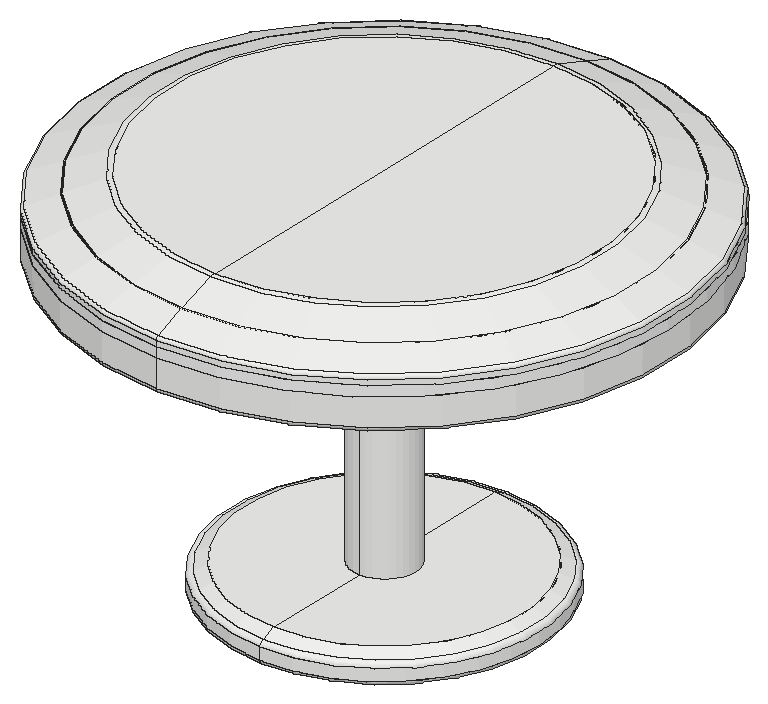
Revit family "PARLÉ TTM-X - Tabletop Microphone_rev1", category Communication Devices, host Face, Revit 2019
Family settings
  Host = Face
  Maintain Annotation Orientation = No
  Round Connector Dimension = Use Diameter
  Part Type = Normal
  Cut with Voids When Loaded = No
  Shared = Yes
  Room Calculation Point = Yes
Parameters (values of type "PARLÉ™ TTM-XEX - White")
  Width = 0' - 4 77/256"
  Weight Product = 0.5
  Trim = Stainless Steel, Brushed
  Through-table Mount [instance] = yes
  SNR (at 1kHz, 94dBSPL A-Weighted) = "> 74dB"
  Room Acoustics Examples URL = "https://support.biamp.com/Tesira/Parle_microphones/Parle_ceiling_microphone_calculator/Sample_recordings"  # constant formula
  Product Page URL = "https://www.biamp.com/products/product-families/parle/parle-microphones#parle-tcm-x"
  Product Documentation Link = "https://downloads.biamp.com/assets/docs/default-source/data-sheets/biamp_data_sheet_parle_ttm-xex_feb20.pdf?sfvrsn=e3fbd698_18&_ga=2.129173454.378709247.1623851855-58664226.1621977202"
  Poor Acoustics Coverage = no
  Poor [instance] = 3' - 3 77/128"
  Polar Pattern = "Active Beamformed"
  Part Number = ""
  Model = "Parlé TTM-XEX - White"
  Microphone Technology = "16-Element Digital Array"
  Mic Grille Finish = Wear Resistant Textured White
  Maximum SPL (less than 1% THD) = "109dB"
  Manufacturer URL = "https://www.biamp.com/"
  Manufacturer = "Biamp Systems"
  Height = 0' - 4 77/256"
  Great Acoustics Coverage = no
  Fair Acoustics Coverage = no
  Excellent Acoustics Coverage = no
  Great [instance] = 6' - 10 205/256"
  Good Acoustics Coverage = yes
  Good [instance] = 5' - 7 51/256"
  Frequency Response = "150 Hz - 16 kHz: ± 3dB"
  Fair [instance] = 4' - 3 77/128"
  Excellent [instance] = 8' - 2 51/128"
  Dynamic Range = "90dB, A-Weighted"
  Description = "Low profile Beamtracking tabletop microphone. (Expansion Mic only. (Must be used with TTM-X mic system. Cost is for expansion mic only)"
  Depth = 0' - 0 179/256"
  Default Elevation = 4' - 0"
  Connector = "RJ-45 (cable length, 6.6 feet [2 meters])"
  Case Finish = Wear Resistant Textured White
Types (4): name | Product Documentation Link | Model | Mic Grille Finish | Description | Case Finish
  PARLÉ™ TTM-X - Black | "https://downloads.biamp.com/assets/docs/default-source/data-sheets/biamp_data_sheet_parle_ttm-x.pdf?sfvrsn=91b562f_18&_ga=2.129173454.378709247.1623851855-58664226.1621977202" | "Parlé TTM-X - Black" | Black Grille - Fine | "Low profile Beamtracking tabletop microphone. (Mic only. Requires TTM-xx Network Box. See TTM-xx Network Box for additional data and cost)" | Black Finish
  PARLÉ™ TTM-X - White | "https://downloads.biamp.com/assets/docs/default-source/data-sheets/biamp_data_sheet_parle_ttm-x.pdf?sfvrsn=91b562f_18&_ga=2.129173454.378709247.1623851855-58664226.1621977202" | "Parlé TTM-X - White" | Wear Resistant Textured White | "Low profile Beamtracking tabletop microphone. (Mic only. Requires TTM-xx Network Box. See TTM-xx Network Box for additional data and cost)" | Wear Resistant Textured White
  PARLÉ™ TTM-XEX - White | "https://downloads.biamp.com/assets/docs/default-source/data-sheets/biamp_data_sheet_parle_ttm-xex_feb20.pdf?sfvrsn=e3fbd698_18&_ga=2.129173454.378709247.1623851855-58664226.1621977202" | "Parlé TTM-XEX - White" | Wear Resistant Textured White | "Low profile Beamtracking tabletop microphone. (Expansion Mic only. (Must be used with TTM-X mic system. Cost is for expansion mic only)" | Wear Resistant Textured White
  PARLÉ™ TTM-XEX - Black | "https://downloads.biamp.com/assets/docs/default-source/data-sheets/biamp_data_sheet_parle_ttm-xex_feb20.pdf?sfvrsn=e3fbd698_18&_ga=2.129173454.378709247.1623851855-58664226.1621977202" | "Parlé TTM-XEX - Black" | Black Grille - Fine | "Low profile Beamtracking tabletop microphone. (Expansion Mic only. (Must be used with TTM-X mic system. Cost is for expansion mic only)" | Black Finish
Reference planes (in)
  plane 1 "Center (Front/Back)": y = 0
  plane 2: z = 0
  plane 3 "Center (Left/Right)": x = 0
Forms (in)
  Revolve 1, solid, material "Wear Resistant Textured White" <- "Case Finish"
    sketch origin (0, 0, 0) x (0, 1, 0) y (0, 0, 1)
      loop
        line (1.85039, 0.01969) -> (1.85039, 0.05908)
        arc (1.85039, 0.05908) -> (1.88567, 0.06064) -> (1.92056, 0.06615) r 0.31496
        line (1.92056, 0.06615) -> (2.1366, 0.11279)
        arc (2.1366, 0.11279) -> (2.15438, 0.12369) -> (2.16145, 0.1433) r 0.0315
        line (2.16145, 0.1433) -> (2.16329, 0.35433) -> (0, 0.35433) -> (0, 0) -> (1.83071, 0)
        arc (1.83071, 0) -> (1.84463, 0.00577) -> (1.85039, 0.01969) r 0.01969
      axis (0, 0) -> (0, 0.35433)
    angle from 0 to 360
  Revolve 2, solid, material "Stainless Steel, Brushed" <- "Trim"
    sketch origin (0, 0, 0) x (0, 1, 0) y (0, 0, 1)
      loop
        line (2.16535, 0.43307) -> (0, 0.43307) -> (0, 0.35433) -> (2.16535, 0.35433) -> (2.16535, 0.43307)
      axis (0, 0.35433) -> (0, 0.43307)
    angle from 0 to 360
  Revolve 3, solid, material "Wear Resistant Textured White" <- "Case Finish"
    sketch origin (0, 0, 0) x (0, 1, 0) y (0, 0, 1)
      loop
        line (0, 0.43307) -> (2.16535, 0.43307) -> (2.16519, 0.47111)
        arc (2.16519, 0.47111) -> (2.1598, 0.48859) -> (2.14561, 0.50012) r 0.0315
        arc (2.14561, 0.50012) -> (2.03346, 0.54498) -> (1.92064, 0.58812) r 7.87402
        line (1.92064, 0.58812) -> (0, 0.58812) -> (0, 0.43307)
      axis (0, 0.43307) -> (0, 0.58812)
    angle from 0 to 360
  Revolve 4, solid, material "Wear Resistant Textured White" <- "Mic Grille Finish"
    sketch origin (0, 0, 0) x (0, 1, 0) y (0, 0, 1)
      loop
        arc (1.65316, 0.68258) -> (1.63368, 0.68737) -> (1.61369, 0.68898) r 0.125
        line (1.61369, 0.68898) -> (0, 0.68898) -> (0, 0.58687) -> (1.92413, 0.58687)
        arc (1.92413, 0.58687) -> (1.78908, 0.63596) -> (1.65316, 0.68258) r 7.87402
      axis (0, 0.58687) -> (0, 0.68898)
    angle from 0 to 360
  Revolve 5, solid, material "Wear Resistant Textured White" <- "Case Finish", visible <- "Through-table Mount"
    sketch origin (0, 0, 0) x (0, 1, 0) y (0, 0, 1)
      loop
        line (1.05118, -1.9685) -> (0.23622, -1.9685) -> (0.23622, 0) -> (0, 0) -> (0, -2.55906) -> (0.19685, -2.55906) -> (0.23228, -2.52362) -> (0.31641, -2.52362)
        arc (0.31641, -2.52362) -> (0.33831, -2.51466) -> (0.34765, -2.49292) r 0.03125
        line (0.34765, -2.49292) -> (0.35262, -2.20797)
        arc (0.35262, -2.20797) -> (0.36439, -2.18058) -> (0.39199, -2.16929) r 0.03937
        line (0.39199, -2.16929) -> (1.14786, -2.16929)
        arc (1.14786, -2.16929) -> (1.17059, -2.15999) -> (1.18028, -2.13743) r 0.03243
        line (1.18028, -2.13743) -> (1.18028, -2.04805)
        arc (1.18028, -2.04805) -> (1.16775, -2.02226) -> (1.14104, -2.01181) r 0.03937
        line (1.14104, -2.01181) -> (1.05118, -1.9685)
      axis (0, -2.55906) -> (0, 0)
    angle from 0 to 360
Lines and regions (in)
  symbolic lines, visible <- "Poor Acoustics Coverage"
    curve 1: circle (0, 0, 0) r 39.60156 normal (0, 0, 1)
  symbolic lines, visible <- "Fair Acoustics Coverage"
    curve 2: circle (0, 0, 0) r 51.60156 normal (0, 0, 1)
  symbolic lines, visible <- "Good Acoustics Coverage"
    curve 3: circle (0, 0, 0) r 67.19922 normal (0, 0, 1)
  symbolic lines, visible <- "Great Acoustics Coverage"
    curve 4: circle (0, 0, 0) r 82.80078 normal (0, 0, 1)
  symbolic lines, visible <- "Excellent Acoustics Coverage"
    curve 5: circle (0, 0, 0) r 98.39844 normal (0, 0, 1)
Dimensions and locks (in)
  "Excellent": radius of curve 5
  "Great": radius of curve 4
  "Good": radius of curve 3
  "Fair": radius of curve 2
  "Poor": radius of curve 1
  aligned and locked: plane 2 to host face
  aligned and locked: level to host face
Automatic sketch dimensions
  host sketch curve to host sketch curve = 0' - 8.22098"
  host sketch curve to host sketch curve = 0' - 8.25065"
  Revolve 1 sketch curve to level = 0' - 0"  (x2)
  Revolve 1 sketch curve to plane 1 "Center (Front/Back)" = 0' - 0"  (x2)
  Revolve 1 sketch curve to Revolve 1 sketch curve = 0' - 1.83071"
  Revolve 1 sketch curve to Revolve 1 sketch curve = 0' - 0.01969"
  Revolve 1 sketch curve to Revolve 1 sketch curve = 0' - 0.0037"
  level to Revolve 1 sketch curve = 0' - 0.06615"
  Revolve 1 sketch curve to Revolve 1 sketch curve = 0' - 0.07016"
  Revolve 1 sketch curve to Revolve 1 sketch curve = 0' - 0.2094"
  level to Revolve 1 sketch curve = 0' - 0.11279"
  Revolve 1 sketch curve to Revolve 1 sketch curve = 0' - 0.00665"
  level to Revolve 1 sketch curve = 0' - 0.1433"
  Revolve 1 sketch curve to Revolve 1 sketch curve = 0' - 0.03149"
  level to Revolve 1 sketch curve = 0' - 0.35433"
  Revolve 1 sketch curve to Revolve 1 sketch curve = 0' - 0.00184"
  Revolve 1 sketch curve to Revolve 1 sketch curve = 0' - 0.03939"
  Revolve 1 sketch curve to Revolve 1 sketch curve = 0' - 0.57125"
  Revolve 2 sketch curve to plane 1 "Center (Front/Back)" = 0' - 0"  (x2)
  level to Revolve 2 sketch curve = 0' - 0.35433"
  Revolve 2 sketch curve to Revolve 2 sketch curve = 0' - 2.16535"
  Revolve 2 sketch curve to Revolve 2 sketch curve = 0' - 0.07874"
  Revolve 2 sketch curve to Revolve 2 sketch curve = 0' - 0"
  Revolve 2 sketch curve to Revolve 2 sketch curve = 0' - 0.48912"
  Revolve 3 sketch curve to plane 1 "Center (Front/Back)" = 0' - 0"  (x2)
  plane 1 "Center (Front/Back)" to Revolve 3 sketch curve = 0' - 0.83468"
  level to Revolve 3 sketch curve = 0' - 0.58812"
  Revolve 3 sketch curve to Revolve 3 sketch curve = 0' - 1.92064"
  Revolve 3 sketch curve to Revolve 3 sketch curve = 0' - 0.21306"
  level to Revolve 3 sketch curve = 0' - 0.47111"
  Revolve 3 sketch curve to Revolve 3 sketch curve = 0' - 0.0315"
  Revolve 3 sketch curve to Revolve 3 sketch curve = 0' - 0.00017"
  Revolve 3 sketch curve to Revolve 3 sketch curve = 0' - 0.00014"
  Revolve 3 sketch curve to Revolve 3 sketch curve = 0' - 0.15505"
  Revolve 3 sketch curve to level = 0' - 6.78809"
  Revolve 3 sketch curve to Revolve 3 sketch curve = 0' - 0"
  Revolve 3 sketch curve to Revolve 3 sketch curve = 0' - 0.23892"
  Revolve 4 sketch curve to plane 1 "Center (Front/Back)" = 0' - 0"  (x2)
  plane 1 "Center (Front/Back)" to Revolve 4 sketch curve = 0' - 0.83338"
  level to Revolve 4 sketch curve = 0' - 0.56398"
  Revolve 4 sketch curve to plane 1 "Center (Front/Back)" = 0' - 1.61369"
  Revolve 4 sketch curve to Revolve 4 sketch curve = 0' - 0.31044"
  Revolve 4 sketch curve to level = 0' - 6.78851"
  level to Revolve 4 sketch curve = 0' - 0.58687"
  Revolve 4 sketch curve to Revolve 4 sketch curve = 0' - 0.0064"
  Revolve 4 sketch curve to Revolve 4 sketch curve = 0' - 0.02035"
  Revolve 4 sketch curve to Revolve 4 sketch curve = 0' - 0.07017"
  Revolve 5 sketch curve to plane 1 "Center (Front/Back)" = 0' - 0"  (x2)
  Revolve 5 sketch curve to level = 0' - 0"
  Revolve 5 sketch curve to Revolve 5 sketch curve = 0' - 0.19685"
  Revolve 5 sketch curve to Revolve 5 sketch curve = 0' - 0.03543"  (x2)
  Revolve 5 sketch curve to plane 1 "Center (Front/Back)" = 0' - 0.23622"
  Revolve 5 sketch curve to Revolve 5 sketch curve = 0' - 0.08412"
  Revolve 5 sketch curve to Revolve 5 sketch curve = 0' - 0 1/32"
  Revolve 5 sketch curve to Revolve 5 sketch curve = 0' - 0.1164"
  Revolve 5 sketch curve to Revolve 5 sketch curve = 0' - 0.03936"
  Revolve 5 sketch curve to Revolve 5 sketch curve = 0' - 0.65919"
  Revolve 5 sketch curve to Revolve 5 sketch curve = 0' - 0 23/256"
  Revolve 5 sketch curve to Revolve 5 sketch curve = 0' - 0.00682"
  Revolve 5 sketch curve to Revolve 5 sketch curve = 0' - 0.03925"
  Revolve 5 sketch curve to level = 0' - 1.9685"
  Revolve 5 sketch curve to Revolve 5 sketch curve = 0' - 0.04331"
  Revolve 5 sketch curve to Revolve 5 sketch curve = 0' - 0.03624"
  Revolve 5 sketch curve to Revolve 5 sketch curve = 0' - 0.08568"
  Revolve 5 sketch curve to Revolve 5 sketch curve = 0' - 0.00057"
  Revolve 5 sketch curve to Revolve 5 sketch curve = 0' - 0.03868"
  Revolve 5 sketch curve to Revolve 5 sketch curve = 0' - 0.2844"
  Revolve 5 sketch curve to Revolve 5 sketch curve = 0' - 0.00055"
  Revolve 5 sketch curve to level = 0' - 0.46951"
  Revolve 5 sketch curve to Revolve 5 sketch curve = 0' - 0"
  curve 1 to curve 2 = 0' - 0"  (x2)
  curve 1 to curve 4 = 0' - 0"  (x2)
  curve 2 to curve 3 = 0' - 0"  (x2)
  curve 4 to curve 5 = 0' - 0"  (x2)
  plane 1 "Center (Front/Back)" to curve 2 = 0' - 0"
  curve 2 to plane 3 "Center (Left/Right)" = 0' - 0"
Nested families (in)
  nested 1: "PARLÉ TTM-X-SM - Tabletop Secure Mount_rev0" at (0, 0, 0), visible <- "Through-table Mount", type "TTM-X-SM Secure Mount"
Connectors (in)
  electrical at (0, 0, -2.55906)
    settings: on Revolve 5, index 1, voltage 0 V, apparent load 0 VA, apparent load phase1 0 VA, apparent load phase2 0 VA, apparent load phase3 0 VA, power factor 1, load classification "Other", number of poles 1, system type 5, power factor state 1, is connector primary yes, connector utility no, sub classification motor no, connector description "RJ45"
Definition of nested family "PARLÉ TTM-X-SM - Tabletop Secure Mount_rev0"
  Parameters (values of type "TTM-X-SM Secure Mount")
    Product Page URL = ""
    Product Documentation Link = ""
    Part Number = ""
    Model = "TTM-X-SM"
    Manufacturer URL = "https://www.biamp.com/"
    Manufacturer = "Biamp Systems"
    Height = 0' - 5 115/128"
    Description = "Secure Mount for TTM table top microphone"
    Depth = 0' - 0 77/128"
    Default Elevation = 4' - 0"
    Case Finish = none
  Reference planes (in)
    plane 1 "Center (Front/Back)": y = 0
    plane 2: z = 0
    plane 3 "Center (Left/Right)": x = 0
  Forms (in)
    Extrusion 1, solid
      sketch origin (0, 0, 0) x (1, 0, 0) y (0, 1, 0)
        loop
          line (-2.53326, 2.0408) -> (-2.53326, -2.25733) -> (2.81527, -2.25733) -> (2.81527, 2.0408) -> (-2.53326, 2.0408)
      from 0 to -0.45598
    Revolve 2, solid
      sketch origin (0, 0, 0) x (0, 1, 0) y (0, 0, 1)
        loop
          line (1.05118, -1.9685) -> (0.23622, -1.9685) -> (0.23622, 0) -> (0, 0) -> (0, -2.55906) -> (0.19685, -2.55906) -> (0.23228, -2.52362) -> (0.31641, -2.52362)
          arc (0.31641, -2.52362) -> (0.33831, -2.51466) -> (0.34765, -2.49292) r 0.03125
          line (0.34765, -2.49292) -> (0.35262, -2.20797)
          arc (0.35262, -2.20797) -> (0.36439, -2.18058) -> (0.39199, -2.16929) r 0.03937
          line (0.39199, -2.16929) -> (1.14786, -2.16929)
          arc (1.14786, -2.16929) -> (1.17059, -2.15999) -> (1.18028, -2.13743) r 0.03243
          line (1.18028, -2.13743) -> (1.18028, -2.04805)
          arc (1.18028, -2.04805) -> (1.16775, -2.02226) -> (1.14104, -2.01181) r 0.03937
          line (1.14104, -2.01181) -> (1.05118, -1.9685)
        axis (0, -2.55906) -> (0, 0)
      angle from 0 to 360
  Dimensions and locks (in)
    aligned and locked: plane 2 to Extrusion 1
    aligned and locked: level to Extrusion 1
  Connectors (in)
    electrical at (0, 0, -2.55906)
      settings: on Revolve 2, index 1, voltage 0 V, apparent load 0 VA, apparent load phase1 0 VA, apparent load phase2 0 VA, apparent load phase3 0 VA, power factor 1, load classification none, number of poles 1, system type 5, power factor state 1, is connector primary yes, connector utility no, sub classification motor no, connector description "RJ45"
